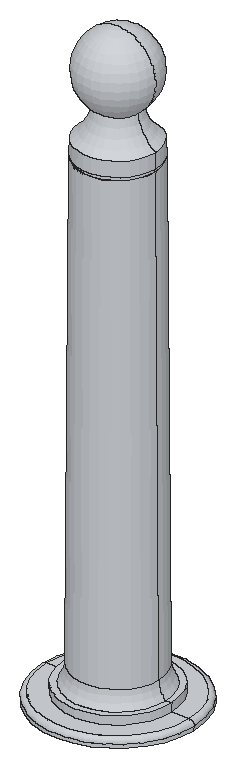
Revit family
Parameters (values of type "SBS-004.5")
  Width = 1' - 0 1/4"
  URL = "www.strombergarchitectural.com"
  Top Material = GFRC
  Submittal Sheet = "www.strombergarchitectural.com/images/materials/gfrc/submittal/gfrc-submittal-sheet.pdf"
  Specifications = "www.strombergarchitectural.com/gfrcspecifications"
  Model Cut-sheet = "www.strombergarchitectural.com/products/bollards/design/SBS-004"
  Model = "SBS-004"
  Manufacturer = "Stromberg Architectural Products"
  Guidebook = "www.strombergarchitectural.com/images/materials/gfrc/handbooks/gfrc_guidebook.pdf"
  Frame Material = none
  Description = "GFRC Bollard"
  Assembly Code = ""
  Height = 4' - 0"
  XXX.5 = yes
  XXX.4 = no
  XXX.3 = no
  XXX.2 = no
  XXX.1 = no
Types (6): name | Width | Guidebook | Height | XXX.5 | XXX.4 | XXX.3 | XXX.2 | XXX.1
  (no name) | 1' - 0 1/4" | "www.strombergarchitectural.com/images/materials/gfrc/handbooks/gfrc_guidebook.pdf" | 4' - 0" | yes | no | no | no | no
  SBS-004.3 | 0' - 9 1/4" | "www.strombergarchitectural.com/images/materials/gfrc/handbooks/gfrc_guidebook.pdf" | 3' - 0" | no | no | yes | no | no
  SBS-004.1 | 0' - 6 1/4" | "www.strombergarchitectural.com/images/materials/gfrc/handbooks/gfrc_guidebook.pdf   \r\n(http://www.strombergarchitectural.com/images/materials/gfrc/handbooks/gfrc_guidebook.pdf" | 2' - 0" | no | no | no | no | yes
  SBS-004.2 | 0' - 7 3/4" | "www.strombergarchitectural.com/images/materials/gfrc/handbooks/gfrc_guidebook.pdf" | 2' - 6" | no | no | no | yes | no
  SBS-004.4 | 0' - 10 3/4" | "www.strombergarchitectural.com/images/materials/gfrc/handbooks/gfrc_guidebook.pdf" | 3' - 6" | no | yes | no | no | no
  SBS-004.5 | 1' - 0 1/4" | "www.strombergarchitectural.com/images/materials/gfrc/handbooks/gfrc_guidebook.pdf" | 4' - 0" | yes | no | no | no | no
Reference planes (in)
  plane 1 "Center (Front/Back)": y = 3.74847
  plane 2: z = 0
  plane 3 "Center (Left/Right)": x = 0.7278
Forms (in)
  Revolve 1, solid, visible <- "XXX.1"
    sketch origin (0, 3.74847, 0) x (1, 0, 0) y (0, 0, 1)
      loop
        line (-2.34639, 0) -> (0.7278, 0) -> (0.7278, 23.96146)
        arc (0.7278, 23.96146) -> (-0.74403, 22.87078) -> (-0.12891, 21.14523) r 1.53843
        arc (-0.12891, 21.14523) -> (-0.35644, 20.49387) -> (-0.8214, 19.98411) r 1.72199
        line (-0.8214, 19.98411) -> (-0.82509, 19.41679) -> (-0.77667, 19.41679) -> (-0.77759, 19.29576) -> (-0.82601, 19.29576) -> (-0.96445, 1.32487)
        arc (-0.96445, 1.32487) -> (-1.03563, 0.97247) -> (-1.2087, 0.65734) r 1.1915
        line (-1.2087, 0.65734) -> (-1.45076, 0.65734) -> (-1.45076, 0.33889) -> (-2.15274, 0.33889)
        arc (-2.15274, 0.33889) -> (-2.28967, 0.28217) -> (-2.34639, 0.14524) r 0.19365
        line (-2.34639, 0.14524) -> (-2.34639, 0)
      axis (0.7278, 23.96146) -> (0.7278, 0)
    angle from 0 to 360
  Revolve 2, solid, visible <- "XXX.2"
    sketch origin (-22.41734, 3.74847, 0) x (1, 0, 0) y (0, 0, 1)
      loop
        arc (19.53329, 0.42429) -> (19.36185, 0.35328) -> (19.29084, 0.18184) r 0.24245
        line (19.29084, 0.18184) -> (19.29084, 0) -> (23.14514, 0) -> (23.14514, 29.99999)
        arc (23.14514, 29.99999) -> (21.2978, 28.63702) -> (22.06715, 26.47405) r 1.92612
        arc (22.06715, 26.47405) -> (21.78228, 25.65854) -> (21.20015, 25.02031) r 2.15595
        line (21.20015, 25.02031) -> (21.19553, 24.31005) -> (21.25499, 24.15848) -> (21.19438, 24.15848) -> (21.02105, 1.65875)
        arc (21.02105, 1.65875) -> (20.93192, 1.21754) -> (20.71524, 0.82299) r 1.49177
        line (20.71524, 0.82299) -> (20.41218, 0.82299) -> (20.41218, 0.42429) -> (19.53329, 0.42429)
      axis (23.14514, 29.99999) -> (23.14514, 0)
    angle from 0 to 360
  Revolve 3, solid, visible <- "XXX.3"
    sketch origin (-48.44833, 3.74847, 0) x (1, 0, 0) y (0, 0, 1)
      loop
        line (44.55098, 0) -> (49.17613, 0) -> (49.17613, 35.99999)
        arc (49.17613, 35.99999) -> (46.95933, 34.36442) -> (47.88254, 31.76886) r 2.31135
        arc (47.88254, 31.76886) -> (47.5407, 30.79024) -> (46.84215, 30.02438) r 2.58714
        line (46.84215, 30.02438) -> (46.83661, 29.17202) -> (46.90934, 29.17202) -> (46.90796, 28.99018) -> (46.83522, 28.99018) -> (46.62723, 1.9905)
        arc (46.62723, 1.9905) -> (46.52028, 1.46104) -> (46.26026, 0.98759) r 1.79013
        line (46.26026, 0.98759) -> (45.89658, 0.98759) -> (45.89658, 0.50915) -> (44.84192, 0.50915)
        arc (44.84192, 0.50915) -> (44.63619, 0.42393) -> (44.55098, 0.21821) r 0.29094
        line (44.55098, 0.21821) -> (44.55098, 0)
      axis (49.17613, 35.99999) -> (49.17613, 0)
    angle from 0 to 360
  Revolve 4, solid, visible <- "XXX.4"
    sketch origin (-71.44336, 3.74847, 0) x (1, 0, 0) y (0, 0, 1)
      loop
        line (66.77515, 0) -> (72.17117, 0) -> (72.17117, 41.99999)
        arc (72.17117, 41.99999) -> (69.58489, 40.09183) -> (70.66198, 37.06367) r 2.69657
        arc (70.66198, 37.06367) -> (70.26316, 35.92195) -> (69.44818, 35.02844) r 3.01833
        line (69.44818, 35.02844) -> (69.44172, 34.03402) -> (69.52658, 34.03402) -> (69.52496, 33.82188) -> (69.4401, 33.82188) -> (69.19744, 2.32225)
        arc (69.19744, 2.32225) -> (69.07266, 1.70455) -> (68.76932, 1.15219) r 2.08848
        line (68.76932, 1.15219) -> (68.34503, 1.15219) -> (68.34503, 0.59401) -> (67.11458, 0.59401)
        arc (67.11458, 0.59401) -> (66.87457, 0.49459) -> (66.77515, 0.25457) r 0.33943
        line (66.77515, 0.25457) -> (66.77515, 0)
      axis (72.17117, 41.99999) -> (72.17117, 0)
    angle from 0 to 360
  Revolve 5, solid, visible <- "XXX.5"
    sketch origin (-95.07747, 3.74847, 0) x (1, 0, 0) y (0, 0, 1)
      loop
        arc (90.13388, 0.67886) -> (89.85958, 0.56524) -> (89.74596, 0.29094) r 0.38792
        line (89.74596, 0.29094) -> (89.74596, 0) -> (95.80527, 0) -> (95.80527, 47.99841)
        arc (95.80527, 47.99841) -> (92.94182, 45.76766) -> (94.18805, 42.35848) r 3.0818
        arc (94.18805, 42.35848) -> (93.73226, 41.05366) -> (92.80085, 40.0325) r 3.44952
        line (92.80085, 40.0325) -> (92.79346, 38.89603) -> (92.89045, 38.89603) -> (92.8886, 38.65358) -> (92.79162, 38.65358) -> (92.51429, 2.654)
        arc (92.51429, 2.654) -> (92.37169, 1.94806) -> (92.025, 1.31679) r 2.38684
        line (92.025, 1.31679) -> (91.5401, 1.31679) -> (91.5401, 0.67886) -> (90.13388, 0.67886)
      axis (95.80527, 47.99841) -> (95.80527, 0)
    angle from 0 to 360
